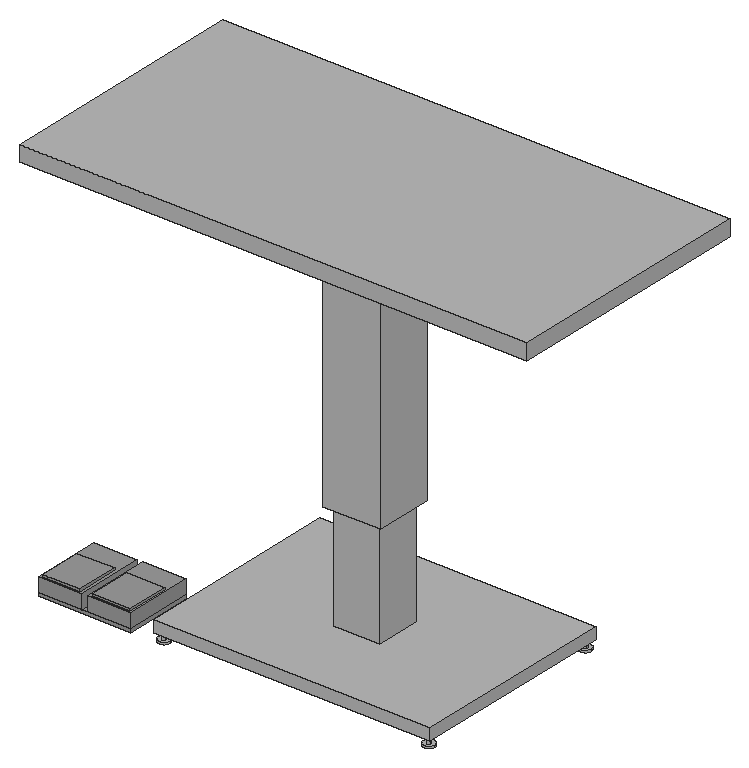
Revit family "Midmark - Exam Table Adjustable Electric Column", category Specialty Equipment, Revit 2017
Family settings
  Round Connector Dimension = Use Diameter
  Part Type = Normal
  OmniClass Number = 23.40.00.00
  OmniClass Title = Equipment and Furnishings
  Work Plane-Based = No
  Always vertical = Yes
  Cut with Voids When Loaded = No
  Shared = No
  Room Calculation Point = No
Parameters (values of type "Standard Top w/ Foot Control")
  Width = 3' - 8"
  Weight = 0
  Pedestal Base Width = 2' - 0"
  Pedestal Base Depth = 1' - 6"
  Table Top Material = Stainless Steel, Polished
  Type Comments = "Exam Table with Adjustable Electric Column, 44\"L X 22\"W Stainless Steel Top"
  Platform Base Material = Stainless Steel, Polished
  Model = "101-8640-03"
  Manufacturer = "MIDMARK"
  Lift Housing Material = Stainless Steel, Polished
  Electric Control Box Material = Stainless Steel, Polished
  Lift Column Material = Stainless Steel, Polished
  Height = 3' - 0"
  Description = ""
  Depth = 1' - 10"
Reference planes (in)
  plane 1 "Center (Front/Back)": y = 0.21221
  plane 2 "B.O. Platform": z = 0
  plane 3 "Center (Left/Right)": x = -0.201
  plane 4 "Left Edge of Table Top": x = -22.201
  plane 5 "Right Edge of Table Top": x = 21.799
  plane 6 "Back Edge of Table Top": y = 11.21369
  plane 7 "Front Edge of Table Top": y = -10.78631
  plane 8 "T.O. CASTER": z = 0
  plane 9 "TO Table": z = 36
  plane 10 "Underside Exam Top Mounting Plate": z = 34.37498
  plane 11 "Underside of Table Top": z = 34.625
  plane 12 "Left Edge of Electrical Control": x = -11.701
  plane 13 "Min. Table Top Height": z = 24.375
  plane 14 "Max. Table Top Height": z = 36.37544
  plane 15 "Front of Electrical Control": y = -5.28778
  plane 16 "Back Edge of Table Mounting Plate": y = 3.21369
  plane 17 "Right Edge of Electrical Control": x = -4.651
  plane 18 "Left Side of Lift Column Housing": x = -2.70005
  plane 19 "Right Side of Lift Column Housing": x = 2.29805
  plane 20 "Top of Pedestal Base": z = 1.66923
  plane 21 "Front Edge Top Mounting Plate": y = -2.78778
  plane 22 "Underside of Electrical Control": z = 31.908
  plane 23 "Back of Lift Column Housing": y = 2.7113
  plane 24 "Front of Lift Column Housing": y = -2.2887
  plane 25 "Back of Pedestal Base": y = 9.21369
  plane 26 "Front of Pedestal Base": y = -8.78631
  plane 27 "Left Edge of Pedestal Base": x = -12.201
  plane 28 "Right Edge of Pedestal Base": x = 11.799
Forms (in)
  Extrusion 1, solid, material "Stainless Steel, Polished" <- "Lift Column Material"
    sketch origin (0, 0, 0) x (-1, 0, 0) y (0, -1, 0)
      loop
        line (-1.79809, 1.78784) -> (-1.79809, -2.21226) -> (2.20009, -2.21226) -> (2.20009, 1.78784) -> (-1.79809, 1.78784)
    from 1.295 to 22.62271
  Extrusion 2, solid, material "Stainless Steel, Polished" <- "Lift Column Material"
    sketch origin (0, 0, 0) x (-1, 0, 0) y (0, -1, 0)
      loop
        line (-2.29805, 2.28687) -> (-2.29805, -2.7113) -> (2.70005, -2.7113) -> (2.70005, 2.28687) -> (-2.29805, 2.28687)
    from 10.95839 to 34.625
  Extrusion 3, solid, material "Stainless Steel, Polished" <- "Platform Base Material"
    sketch origin (-0.19922, 0.201, 0) x (-1, 0, 0) y (0, -1, 0)
      loop
        line (12, -9.01269) -> (12, 8.98731) -> (-12, 8.98731) -> (-12, -9.01269) -> (12, -9.01269)
    from 0.66923 to 1.66923
  Extrusion 4, solid, material "Stainless Steel, Polished" <- "Table Top Material"
    sketch origin (0, 0, 0) x (-1, 0, 0) y (0, -1, 0)
      loop
        line (22.201, -11.21369) -> (22.201, 10.78631) -> (-21.799, 10.78631) -> (-21.799, -11.21369) -> (22.201, -11.21369)
    from 34.625 to 36
  Extrusion 5, solid, material "Stainless Steel, Polished" <- "Platform Base Material"
    sketch origin (-0.8459, 15.66521, 0) x (-1, 0, 0) y (0, -1, 0)
      loop
        circle (10.85332, 6.95329) r 0.12468
      loop
        circle (-12.14668, 6.95329) r 0.12468
      loop
        circle (10.85332, 23.95329) r 0.12468
      loop
        circle (-12.14668, 23.95329) r 0.12468
    from 0.125 to 1.125
  Extrusion 6, solid, material "Stainless Steel, Polished" <- "Platform Base Material"
    sketch origin (-23.4557, -0.93479, 0) x (1, 0, 0) y (0, 1, 0)
      loop
        circle (11.75648, 9.64671) r 0.5
      loop
        circle (11.75648, -7.35329) r 0.5
      loop
        circle (34.75648, 9.64671) r 0.5
      loop
        circle (34.75648, -7.35329) r 0.5
    from 0 to 0.125
  Extrusion 7, solid, material "Stainless Steel, Polished" <- "Table Top Material"
    sketch origin (21.799, -180, 34.37498) x (0, -1, 0) y (-1, 0, 0)
      loop
        line (-183.21369, 32) -> (-183.21369, 12) -> (-177.21222, 12) -> (-177.21222, 32) -> (-183.21369, 32)
    from -0.25002 to 0
  Extrusion 8, solid, material "Stainless Steel, Polished" <- "Electric Control Box Material"
    sketch origin (0, 0.21221, 0) x (1, 0, 0) y (0, 0, 1)
      loop
        line (-11.701, 34.625) -> (-11.701, 32.83947) -> (-7.48916, 31.908) -> (-4.651, 31.908) -> (-4.651, 34.625) -> (-11.701, 34.625)
    from 3 to 5.5
  Extrusion 9, solid, material "Rubber, Black", not visible
    sketch origin (4, 14.73515, -131.10317) x (0, 1, 0) y (0, 0, -1)
      loop
        line (-17.73515, -144) -> (-17.73515, -144.25) -> (-11.73515, -144.25) -> (-11.73515, -144) -> (-17.73515, -144)
    from 0 to 8
  Extrusion 10, solid, material "Rubber, Black", not visible
    sketch origin (-0.5, 14.73515, -131.10317) x (0, 1, 0) y (0, 0, -1)
      loop
        line (-17.73515, -144.25) -> (-17.73515, -145.5) -> (-11.73515, -145.5) -> (-11.73515, -144.25) -> (-17.73515, -144.25)
    from -0.24968 to 3.5
  Extrusion 11, solid, material "Rubber, Black", not visible
    sketch origin (4, 14.73515, -131.10317) x (0, 1, 0) y (0, 0, -1)
      loop
        line (-17.73515, -144.25) -> (-17.73515, -145.5) -> (-11.73515, -145.5) -> (-11.73515, -144.25) -> (-17.73515, -144.25)
    from 0 to 3.75
  Extrusion 12, solid, material "Rubber, Black", not visible
    sketch origin (-46.37847, -34.26485, 12.89683) x (-1, 0, 0) y (0, -1, 0)
      loop
        line (-50.16308, -31.46256) -> (-50.16308, -35.21256) -> (-46.91308, -35.21256) -> (-46.91308, -31.46256) -> (-50.16308, -31.46256)
      loop
        line (-42.59385, -31.46256) -> (-45.84385, -31.46256) -> (-45.84385, -35.21256) -> (-42.59385, -35.21256) -> (-42.59385, -31.46256)
    from 1.5 to 1.67664
  Extrusion 13, solid, material "Rubber, Black", not visible
    sketch origin (4, 14.73515, -131.10317) x (0, 1, 0) y (0, 0, -1)
      loop
        line (-17.73515, -144) -> (-17.73515, -144.25) -> (-11.73515, -144.25) -> (-11.73515, -144) -> (-17.73515, -144)
    from 0 to 8
  Extrusion 14, solid, material "Rubber, Black", not visible
    sketch origin (-0.5, 14.73515, -131.10317) x (0, 1, 0) y (0, 0, -1)
      loop
        line (-17.73515, -144.25) -> (-17.73515, -145.5) -> (-11.73515, -145.5) -> (-11.73515, -144.25) -> (-17.73515, -144.25)
    from -0.24968 to 3.5
  Extrusion 15, solid, material "Rubber, Black", not visible
    sketch origin (4, 14.73515, -131.10317) x (0, 1, 0) y (0, 0, -1)
      loop
        line (-17.73515, -144.25) -> (-17.73515, -145.5) -> (-11.73515, -145.5) -> (-11.73515, -144.25) -> (-17.73515, -144.25)
    from 0 to 3.75
  Extrusion 16, solid, material "Rubber, Black", not visible
    sketch origin (-46.37847, -34.26485, 12.89683) x (-1, 0, 0) y (0, -1, 0)
      loop
        line (-50.16308, -31.46256) -> (-50.16308, -35.21256) -> (-46.91308, -35.21256) -> (-46.91308, -31.46256) -> (-50.16308, -31.46256)
      loop
        line (-42.59385, -31.46256) -> (-45.84385, -31.46256) -> (-45.84385, -35.21256) -> (-42.59385, -35.21256) -> (-42.59385, -31.46256)
    from 1.5 to 1.67664
  Extrusion 17, solid, material "Rubber, Black"
    sketch origin (-14.201, 8.94884, -144) x (0, 1, 0) y (0, 0, -1)
      loop
        line (-17.73515, -144) -> (-17.73515, -144.25) -> (-11.73515, -144.25) -> (-11.73515, -144) -> (-17.73515, -144)
    from 0 to 8
  Extrusion 18, solid, material "Rubber, Black"
    sketch origin (-18.701, 8.94884, -144) x (0, 1, 0) y (0, 0, -1)
      loop
        line (-17.73515, -144.25) -> (-17.73515, -145.5) -> (-11.73515, -145.5) -> (-11.73515, -144.25) -> (-17.73515, -144.25)
    from -0.24968 to 3.5
  Extrusion 19, solid, material "Rubber, Black"
    sketch origin (-14.201, 8.94884, -144) x (0, 1, 0) y (0, 0, -1)
      loop
        line (-17.73515, -144.25) -> (-17.73515, -145.5) -> (-11.73515, -145.5) -> (-11.73515, -144.25) -> (-17.73515, -144.25)
    from 0 to 3.75
  Extrusion 20, solid, material "Rubber, Black"
    sketch origin (-64.57947, -40.05116, 0) x (-1, 0, 0) y (0, -1, 0)
      loop
        line (-50.16308, -31.46256) -> (-50.16308, -35.21256) -> (-46.91308, -35.21256) -> (-46.91308, -31.46256) -> (-50.16308, -31.46256)
      loop
        line (-42.59385, -31.46256) -> (-45.84385, -31.46256) -> (-45.84385, -35.21256) -> (-42.59385, -35.21256) -> (-42.59385, -31.46256)
    from 1.5 to 1.67664
Lines and regions (in)
  model lines
    curve 1: circle (-11.17594, -5.28778, 33.85742) r 0.27949 normal (0, -1, 0)
    curve 2: circle (-10.41182, -5.28778, 33.84352) r 0.28528 normal (0, -1, 0)
    curve 3: circle (-9.49488, -5.28778, 33.77406) r 0.50385 normal (0, -1, 0)
    curve 4: circle (-8.55015, -5.28778, 33.84352) r 0.32567 normal (0, -1, 0)
    curve 5: line (-11.701, -5.28778, 33.12498) -> (-4.651, -5.28778, 33.12498)
Dimensions and locks (in)
  level to plane 8 "T.O. CASTER" = 0' - 0"
  "Width": plane 4 "Left Edge of Table Top" to plane 5 "Right Edge of Table Top"
  equal spacing: plane 4 "Left Edge of Table Top", plane 3 "Center (Left/Right)", plane 5 "Right Edge of Table Top"
  "Depth": plane 6 "Back Edge of Table Top" to plane 7 "Front Edge of Table Top"
  "Pedestal Base Depth": plane 25 "Back of Pedestal Base" to plane 26 "Front of Pedestal Base"
  "Pedestal Base Width": plane 27 "Left Edge of Pedestal Base" to plane 28 "Right Edge of Pedestal Base"
  aligned and locked: level to plane 2 "B.O. Platform"
  aligned and locked: plane 7 "Front Edge of Table Top" to Extrusion 4 sketch curve
  aligned and locked: Extrusion 4 sketch curve to plane 6 "Back Edge of Table Top"
  aligned and locked: plane 4 "Left Edge of Table Top" to Extrusion 4 sketch curve
  aligned and locked: Extrusion 4 sketch curve to plane 5 "Right Edge of Table Top"
Automatic sketch dimensions
  plane 3 "Center (Left/Right)" to Extrusion 1 sketch curve = 0' - 1.99909"
  Extrusion 1 sketch curve to plane 3 "Center (Left/Right)" = 0' - 1.99909"
  Extrusion 1 sketch curve to plane 1 "Center (Front/Back)" = 0' - 2.00005"
  plane 1 "Center (Front/Back)" to Extrusion 1 sketch curve = 0' - 2.00005"
  plane 3 "Center (Left/Right)" to Extrusion 2 sketch curve = 0' - 2.49905"
  Extrusion 2 sketch curve to plane 3 "Center (Left/Right)" = 0' - 2.49905"
  Extrusion 2 sketch curve to plane 1 "Center (Front/Back)" = 0' - 2.49908"
  plane 1 "Center (Front/Back)" to Extrusion 2 sketch curve = 0' - 2.49908"
  plane 7 "Front Edge of Table Top" to Extrusion 3 sketch curve = 0' - 2"
  Extrusion 3 sketch curve to plane 5 "Right Edge of Table Top" = 0' - 9.99822"
  plane 4 "Left Edge of Table Top" to Extrusion 3 sketch curve = 0' - 10.00178"
  Extrusion 3 sketch curve to plane 6 "Back Edge of Table Top" = 0' - 2"
  Extrusion 6 sketch curve to plane 7 "Front Edge of Table Top" = 0' - 2.49822"  (x2)
  Extrusion 6 sketch curve to plane 4 "Left Edge of Table Top" = 0' - 10.50178"  (x2)
  plane 6 "Back Edge of Table Top" to Extrusion 6 sketch curve = 0' - 2.50178"  (x2)
  plane 5 "Right Edge of Table Top" to Extrusion 6 sketch curve = 0' - 10.49822"  (x2)
  Extrusion 5 sketch curve to plane 6 "Back Edge of Table Top" = 0' - 2.50178"  (x2)
  Extrusion 5 sketch curve to plane 5 "Right Edge of Table Top" = 0' - 10.49822"  (x2)
  plane 7 "Front Edge of Table Top" to Extrusion 5 sketch curve = 0' - 2.49822"  (x2)
  plane 4 "Left Edge of Table Top" to Extrusion 5 sketch curve = 0' - 10.50178"  (x2)
  Extrusion 7 sketch curve to plane 6 "Back Edge of Table Top" = 0' - 8"
  Extrusion 7 sketch curve to Extrusion 7 sketch curve = 0' - 6.00148"
  Extrusion 7 sketch curve to plane 5 "Right Edge of Table Top" = 1' - 0"
  Extrusion 7 sketch curve to Extrusion 7 sketch curve = 1' - 8"
  plane 9 "TO Table" to Extrusion 8 sketch curve = 0' - 4.092"
  Extrusion 8 sketch curve to plane 5 "Right Edge of Table Top" = 2' - 5.28816"
  Extrusion 8 sketch curve to Extrusion 8 sketch curve = 0' - 2.83817"
  Extrusion 8 sketch curve to Extrusion 8 sketch curve = 0' - 2.717"
  Extrusion 8 sketch curve to Extrusion 8 sketch curve = 0' - 4.21184"
  plane 9 "TO Table" to Extrusion 8 sketch curve = 0' - 3.16053"
  curve 5 to plane 12 "Left Edge of Electrical Control" = 0' - 0"
  plane 12 "Left Edge of Electrical Control" to curve 1 = 0' - 0.52506"
  curve 2 to curve 1 = 0' - 0.76412"
  curve 3 to curve 2 = 0' - 0.91694"
  curve 4 to curve 3 = 0' - 0.94473"
  plane 10 "Underside Exam Top Mounting Plate" to curve 3 = 0' - 0.60092"
  plane 10 "Underside Exam Top Mounting Plate" to curve 4 = 0' - 0.53145"
  plane 10 "Underside Exam Top Mounting Plate" to curve 2 = 0' - 0.53145"
  plane 10 "Underside Exam Top Mounting Plate" to curve 1 = 0' - 0.51756"
  plane 10 "Underside Exam Top Mounting Plate" to curve 5 = 0' - 1 1/4"
  curve 5 to curve 4 = 0' - 3.89915"
  radius of Extrusion 6 sketch curve = 0' - 0 1/2"  (x4)
  radius of Extrusion 5 sketch curve = 0' - 0.12468"  (x4)
  radius of curve 1 = 0' - 0.27949"
  radius of curve 2 = 0' - 0.28528"
  radius of curve 3 = 0' - 0.50385"
  radius of curve 4 = 0' - 0.32567"
